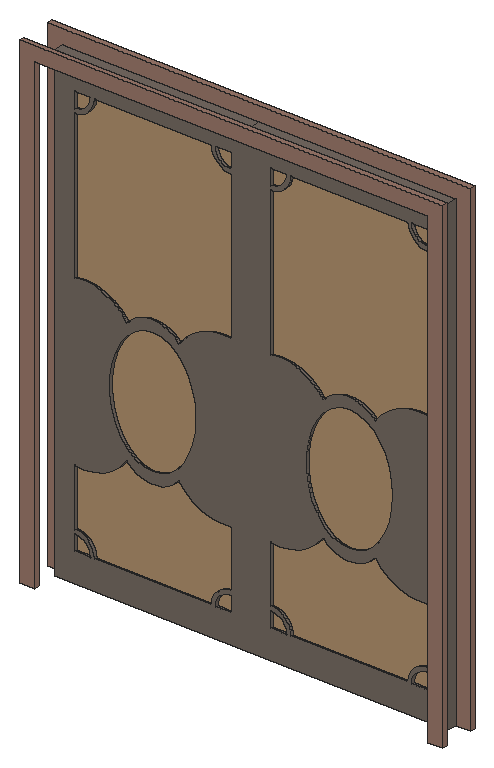
Revit family
Parameters (values of type "2000 x 2400")
  Thickness = 51.00 mm
  Door Material Inside = Door - Panel
  Door Material = Door - Panel 2
  Frame Material = Door - Frame
  Height = 2400.00 mm
  Trim Projection Ext = 25.00 mm
  Trim Projection Int = 25.00 mm
  Trim Width = 76.00 mm
  Wall Closure = (empty or 0)
  Width = 2000.00 mm
  Assembly Code = ""
Types (6, lengths in mm): name | Door Material | Height | Width
  1830 x 1981mm | Door - Panel | 1981.00 | 1830.00
  1830 x 2083mm | Door - Panel | 2083.00 | 1830.00
  1830 x 2134mm | Door - Panel | 2400.00 | 2000.00
  1730 x 2134mm | Door - Panel | 2134.00 | 1730.00
  1730 x 2032mm | Door - Panel | 2032.00 | 1730.00
  2000 x 2400 | Door - Panel 2 | 2400.00 | 2000.00
Reference planes
  plane 1: y = 0
  plane 2: z = 0
  plane 3 "Center": x = 0
  plane 4 "Left": x = -1000
  plane 5 "Right": x = 1000
  plane 6 "Top": z = 2400
  plane 7: z = 2250
  plane 8: z = 1066.8
  plane 9: z = 863.6
  plane 10: z = 150
  plane 11: x = 898.4
  plane 12: x = 538.1
  plane 13: x = 461.9
  plane 14: x = 101.6
  plane 15: x = -101.6
  plane 16: x = -461.9
  plane 17: x = -538.1
  plane 18: x = -898.4
  plane 19: x = 500
  plane 20: x = -500
Forms (mm)
  Extrusion 1, solid, material "Door - Frame" <- "Frame Material"
    sketch origin (-2286, -76.2, 0) x (1, 0, 0) y (0, 0, 1)
      loop
        line (1286, 0) -> (1286, 2400) -> (3286, 2400) -> (3286, 0) -> (3362, 0) -> (3362, 2476) -> (1210, 2476) -> (1210, 0) -> (1286, 0)
    from 0 to 25
  Extrusion 2, solid, material "Door - Panel 2" <- "Door Material"
    sketch origin (-2286, 101.6, 0) x (-1, 0, 0) y (0, 0, 1)
      loop
        line (-3286, 2400) -> (-3286, 0) -> (-2286, 0) -> (-1286, 0) -> (-1286, 2400) -> (-2286, 2400) -> (-3286, 2400)
      loop
        arc (-2184.43, 249.99) -> (-2113.726, 220.704) -> (-2084.44, 150) r 99.99
        line (-2084.44, 150) -> (-1487.6, 150)
        arc (-1487.6, 150) -> (-1458.311, 220.711) -> (-1387.6, 250) r 100
        line (-1387.6, 250) -> (-1387.6, 543.281)
        arc (-1387.6, 543.281) -> (-1536.605, 561.516) -> (-1653.22, 656.047) r 271.876
        arc (-1653.22, 656.047) -> (-1786, 596.4) -> (-1918.78, 656.047) r 177.614
        arc (-1918.78, 656.047) -> (-2035.409, 561.51) -> (-2184.43, 543.286) r 271.876
        line (-2184.43, 543.286) -> (-2184.43, 249.99)
      loop
        arc (-2084.44, 2250) -> (-2113.726, 2179.296) -> (-2184.43, 2150.01) r 99.99
        line (-2184.43, 2150.01) -> (-2184.43, 1396.714)
        arc (-2184.43, 1396.714) -> (-2035.409, 1378.49) -> (-1918.78, 1283.953) r 271.876
        arc (-1918.78, 1283.953) -> (-1786, 1343.6) -> (-1653.22, 1283.953) r 177.614
        arc (-1653.22, 1283.953) -> (-1536.605, 1378.484) -> (-1387.6, 1396.719) r 271.876
        line (-1387.6, 1396.719) -> (-1387.6, 2150)
        arc (-1387.6, 2150) -> (-1458.311, 2179.289) -> (-1487.6, 2250) r 100
        line (-1487.6, 2250) -> (-2084.44, 2250)
      loop
        spline (-1786, 1290) -> (-1842.94, 1279.096) -> (-1896, 1247.128) -> (-1941.563, 1196.274) -> (-1976.526, 1130) -> (-1998.504, 1052.822) -> (-2006, 970) -> (-1998.504, 887.178) -> (-1976.526, 810) -> (-1941.563, 743.726) -> (-1896, 692.872) -> (-1842.94, 660.904) -> (-1786, 650)
        spline (-1786, 650) -> (-1729.06, 660.904) -> (-1676, 692.872) -> (-1630.437, 743.726) -> (-1595.474, 810) -> (-1573.496, 887.178) -> (-1566, 970) -> (-1573.496, 1052.822) -> (-1595.474, 1130) -> (-1630.437, 1196.274) -> (-1676, 1247.128) -> (-1729.06, 1279.096) -> (-1786, 1290)
      loop
        line (-2387.57, 249.99) -> (-2387.57, 543.286)
        arc (-2387.57, 543.286) -> (-2536.591, 561.51) -> (-2653.22, 656.047) r 271.876
        arc (-2653.22, 656.047) -> (-2786, 596.4) -> (-2918.78, 656.047) r 177.614
        arc (-2918.78, 656.047) -> (-3035.395, 561.516) -> (-3184.4, 543.281) r 271.876
        line (-3184.4, 543.281) -> (-3184.4, 250)
        arc (-3184.4, 250) -> (-3113.689, 220.711) -> (-3084.4, 150) r 100
        line (-3084.4, 150) -> (-2487.56, 150)
        arc (-2487.56, 150) -> (-2458.274, 220.704) -> (-2387.57, 249.99) r 99.99
      loop
        line (-2487.56, 2250) -> (-3084.4, 2250)
        arc (-3084.4, 2250) -> (-3113.689, 2179.289) -> (-3184.4, 2150) r 100
        line (-3184.4, 2150) -> (-3184.4, 1396.719)
        arc (-3184.4, 1396.719) -> (-3035.395, 1378.484) -> (-2918.78, 1283.953) r 271.876
        arc (-2918.78, 1283.953) -> (-2786, 1343.6) -> (-2653.22, 1283.953) r 177.614
        arc (-2653.22, 1283.953) -> (-2536.591, 1378.49) -> (-2387.57, 1396.714) r 271.876
        line (-2387.57, 1396.714) -> (-2387.57, 2150.01)
        arc (-2387.57, 2150.01) -> (-2458.274, 2179.296) -> (-2487.56, 2250) r 99.99
      loop
        spline (-2786, 1290) -> (-2842.94, 1279.096) -> (-2896, 1247.128) -> (-2941.563, 1196.274) -> (-2976.526, 1130) -> (-2998.504, 1052.822) -> (-3006, 970) -> (-2998.504, 887.178) -> (-2976.526, 810) -> (-2941.563, 743.726) -> (-2896, 692.872) -> (-2842.94, 660.904) -> (-2786, 650)
        spline (-2786, 650) -> (-2729.06, 660.904) -> (-2676, 692.872) -> (-2630.437, 743.726) -> (-2595.474, 810) -> (-2573.496, 887.178) -> (-2566, 970) -> (-2573.496, 1052.822) -> (-2595.474, 1130) -> (-2630.437, 1196.274) -> (-2676, 1247.128) -> (-2729.06, 1279.096) -> (-2786, 1290)
      loop
        arc (-1387.6, 230) -> (-1444.169, 206.569) -> (-1467.6, 150) r 80
        line (-1467.6, 150) -> (-1387.6, 150) -> (-1387.6, 230)
      loop
        arc (-3104.4, 150) -> (-3127.831, 206.569) -> (-3184.4, 230) r 80
        line (-3184.4, 230) -> (-3184.4, 150) -> (-3104.4, 150)
      loop
        arc (-2387.57, 229.99) -> (-2444.131, 206.561) -> (-2467.56, 150) r 79.99
        line (-2467.56, 150) -> (-2387.57, 150) -> (-2387.57, 229.99)
      loop
        arc (-2104.44, 150) -> (-2127.869, 206.561) -> (-2184.43, 229.99) r 79.99
        line (-2184.43, 229.99) -> (-2184.43, 150) -> (-2104.44, 150)
      loop
        arc (-3184.4, 2170) -> (-3127.831, 2193.431) -> (-3104.4, 2250) r 80
        line (-3104.4, 2250) -> (-3184.4, 2250) -> (-3184.4, 2170)
      loop
        arc (-2467.56, 2250) -> (-2444.131, 2193.439) -> (-2387.57, 2170.01) r 79.99
        line (-2387.57, 2170.01) -> (-2387.57, 2250) -> (-2467.56, 2250)
      loop
        arc (-2184.43, 2170.01) -> (-2127.869, 2193.439) -> (-2104.44, 2250) r 79.99
        line (-2104.44, 2250) -> (-2184.43, 2250) -> (-2184.43, 2170.01)
      loop
        arc (-1467.6, 2250) -> (-1444.169, 2193.431) -> (-1387.6, 2170) r 80
        line (-1387.6, 2170) -> (-1387.6, 2250) -> (-1467.6, 2250)
    from -25.4 to -76.4
  Extrusion 3, solid, material "Door - Panel" <- "Door Material Inside"
    sketch origin (-2286, 76.2, 0) x (-1, 0, 0) y (0, 0, 1)
      loop
        line (-1487.6, 2250) -> (-2084.44, 2250)
        arc (-2084.44, 2250) -> (-2113.726, 2179.296) -> (-2184.43, 2150.01) r 99.99
        line (-2184.43, 2150.01) -> (-2184.43, 1396.714)
        arc (-2184.43, 1396.714) -> (-2035.409, 1378.49) -> (-1918.78, 1283.953) r 271.876
        arc (-1918.78, 1283.953) -> (-1786, 1343.6) -> (-1653.22, 1283.953) r 177.614
        arc (-1653.22, 1283.953) -> (-1536.605, 1378.484) -> (-1387.6, 1396.719) r 271.876
        line (-1387.6, 1396.719) -> (-1387.6, 2150)
        arc (-1387.6, 2150) -> (-1458.311, 2179.289) -> (-1487.6, 2250) r 100
      loop
        spline (-1786, 650) -> (-1729.06, 660.904) -> (-1676, 692.872) -> (-1630.437, 743.726) -> (-1595.474, 810) -> (-1573.496, 887.178) -> (-1566, 970) -> (-1573.496, 1052.822) -> (-1595.474, 1130) -> (-1630.437, 1196.274) -> (-1676, 1247.128) -> (-1729.06, 1279.096) -> (-1786, 1290)
        spline (-1786, 1290) -> (-1842.94, 1279.096) -> (-1896, 1247.128) -> (-1941.563, 1196.274) -> (-1976.526, 1130) -> (-1998.504, 1052.822) -> (-2006, 970) -> (-1998.504, 887.178) -> (-1976.526, 810) -> (-1941.563, 743.726) -> (-1896, 692.872) -> (-1842.94, 660.904) -> (-1786, 650)
      loop
        arc (-1918.78, 656.047) -> (-2035.409, 561.51) -> (-2184.43, 543.286) r 271.876
        line (-2184.43, 543.286) -> (-2184.43, 249.99)
        arc (-2184.43, 249.99) -> (-2113.726, 220.704) -> (-2084.44, 150) r 99.99
        line (-2084.44, 150) -> (-1487.6, 150)
        arc (-1487.6, 150) -> (-1458.311, 220.711) -> (-1387.6, 250) r 100
        line (-1387.6, 250) -> (-1387.6, 543.281)
        arc (-1387.6, 543.281) -> (-1536.605, 561.516) -> (-1653.22, 656.047) r 271.876
        arc (-1653.22, 656.047) -> (-1786, 596.4) -> (-1918.78, 656.047) r 177.614
      loop
        line (-2487.56, 2250) -> (-3084.4, 2250)
        arc (-3084.4, 2250) -> (-3113.689, 2179.289) -> (-3184.4, 2150) r 100
        line (-3184.4, 2150) -> (-3184.4, 1396.719)
        arc (-3184.4, 1396.719) -> (-3035.395, 1378.484) -> (-2918.78, 1283.953) r 271.876
        arc (-2918.78, 1283.953) -> (-2786, 1343.6) -> (-2653.22, 1283.953) r 177.614
        arc (-2653.22, 1283.953) -> (-2536.591, 1378.49) -> (-2387.57, 1396.714) r 271.876
        line (-2387.57, 1396.714) -> (-2387.57, 2150.01)
        arc (-2387.57, 2150.01) -> (-2458.274, 2179.296) -> (-2487.56, 2250) r 99.99
      loop
        spline (-2786, 650) -> (-2729.06, 660.904) -> (-2676, 692.872) -> (-2630.437, 743.726) -> (-2595.474, 810) -> (-2573.496, 887.178) -> (-2566, 970) -> (-2573.496, 1052.822) -> (-2595.474, 1130) -> (-2630.437, 1196.274) -> (-2676, 1247.128) -> (-2729.06, 1279.096) -> (-2786, 1290)
        spline (-2786, 1290) -> (-2842.94, 1279.096) -> (-2896, 1247.128) -> (-2941.563, 1196.274) -> (-2976.526, 1130) -> (-2998.504, 1052.822) -> (-3006, 970) -> (-2998.504, 887.178) -> (-2976.526, 810) -> (-2941.563, 743.726) -> (-2896, 692.872) -> (-2842.94, 660.904) -> (-2786, 650)
      loop
        line (-3184.4, 543.281) -> (-3184.4, 250)
        arc (-3184.4, 250) -> (-3113.689, 220.711) -> (-3084.4, 150) r 100
        line (-3084.4, 150) -> (-2487.56, 150)
        arc (-2487.56, 150) -> (-2458.274, 220.704) -> (-2387.57, 249.99) r 99.99
        line (-2387.57, 249.99) -> (-2387.57, 543.286)
        arc (-2387.57, 543.286) -> (-2536.591, 561.51) -> (-2653.22, 656.047) r 271.876
        arc (-2653.22, 656.047) -> (-2786, 596.4) -> (-2918.78, 656.047) r 177.614
        arc (-2918.78, 656.047) -> (-3035.395, 561.516) -> (-3184.4, 543.281) r 271.876
      loop
        line (-1387.6, 2170) -> (-1387.6, 2250) -> (-1467.6, 2250)
        arc (-1467.6, 2250) -> (-1444.169, 2193.431) -> (-1387.6, 2170) r 80
      loop
        arc (-2184.43, 2170.01) -> (-2127.869, 2193.439) -> (-2104.44, 2250) r 79.99
        line (-2104.44, 2250) -> (-2184.43, 2250) -> (-2184.43, 2170.01)
      loop
        line (-2387.57, 2170.01) -> (-2387.57, 2250) -> (-2467.56, 2250)
        arc (-2467.56, 2250) -> (-2444.131, 2193.439) -> (-2387.57, 2170.01) r 79.99
      loop
        line (-3104.4, 2250) -> (-3184.4, 2250) -> (-3184.4, 2170)
        arc (-3184.4, 2170) -> (-3127.831, 2193.431) -> (-3104.4, 2250) r 80
      loop
        line (-3184.4, 150) -> (-3104.4, 150)
        arc (-3104.4, 150) -> (-3127.831, 206.569) -> (-3184.4, 230) r 80
        line (-3184.4, 230) -> (-3184.4, 150)
      loop
        line (-2467.56, 150) -> (-2387.57, 150) -> (-2387.57, 229.99)
        arc (-2387.57, 229.99) -> (-2444.131, 206.561) -> (-2467.56, 150) r 79.99
      loop
        line (-2184.43, 229.99) -> (-2184.43, 150) -> (-2104.44, 150)
        arc (-2104.44, 150) -> (-2127.869, 206.561) -> (-2184.43, 229.99) r 79.99
      loop
        line (-1467.6, 150) -> (-1387.6, 150) -> (-1387.6, 230)
        arc (-1387.6, 230) -> (-1444.169, 206.569) -> (-1467.6, 150) r 80
    from -12.7 to -38.3
  Extrusion 4, solid, material "Door - Frame" <- "Frame Material"
    sketch origin (-1524, 76.2, 0) x (-1, 0, 0) y (0, 0, 1)
      loop
        line (-2600, 2476) -> (-2600, 0) -> (-2524, 0) -> (-2524, 2400) -> (-524, 2400) -> (-524, 0) -> (-448, 0) -> (-448, 2476) -> (-2600, 2476)
    from 0 to 25
Lines and regions (mm)
  Opening 1
    outline origin (-2286, -76.2, 0) x (1, 0, 0) y (0, 0, 1)
      loop
        line (1286, 0) -> (3286, 0) -> (3286, 2400) -> (1286, 2400) -> (1286, 0)
  symbolic lines, style "Plan Swing"
    curve 1: arc (-0.741, 76.2, 0) -> (-293.751, 783.588, 0) -> (-1001.139, 1076.598, 0) r 1000.398
    curve 2: arc (-0.741, 76.2, 0) -> (292.365, 783.87, 0) -> (1000.006, 1077.045, 0) r 1000.845
  symbolic lines, style "DoorsPanelProjection"
    curve 3: line (-1001.139, 76.2, 0) -> (-949, 76.2, 0)
    curve 4: line (-1001.139, 76.2, 0) -> (-1001.139, 1076.598, 0)
    curve 5: line (1000.006, 76.2, 0) -> (949, 76.2, 0)
    curve 6: line (1000.006, 76.2, 0) -> (1000.006, 1077.045, 0)
    curve 7: line (949, 76.2, 0) -> (949, 1075.74, 0)
    curve 10: line (948.955, 1075.74, 0) -> (1000.001, 1075.74, 0)
    curve 11: line (-1001.139, 1076.598, 0) -> (-949, 1076.598, 0)
    curve 12: line (-949, 1076.598, 0) -> (-949, 76.2, 0)
  model lines, style "DoorsPanelProjection"
    curve 8: line (0, 76.2, 2400) -> (0, 76.2, 0)
    curve 9: line (0, 25.2, 2400) -> (0, 25.2, 0)
  symbolic lines, style "Elevation Swing"
    curve 13: line (0, 0, 2400) -> (1000, 0, 1200)
    curve 14: line (0, 0, 0) -> (1000, 0, 1200)
    curve 15: line (0, 0, 2400) -> (-1000, 0, 1200)
    curve 16: line (-1000, 0, 1200) -> (0, 0, 0)
Text (mm)
  text "Exterior" at (-1490.41, 693.701, 0), in view "Floor Line"
  text "Interior" at (-1482.03, -638.649, 0), in view "Floor Line"
  text "Exterior" at (0, 1019.848, 3124.603), in view "Right"
  text "Interior" at (0, -1635.541, 3124.603), in view "Right"
  text "Interior" at (0, -787.806, 2867.919), in view "Left"
  text "Exterior" at (0, 1386.095, 2867.919), in view "Left"
Dimensions and locks
  equal spacing: plane 4 "Left", plane 3 "Center", plane 5 "Right"
  "Height": plane 2 to plane 6 "Top"
  "Trim Width": Extrusion 1 sketch curve to plane 4 "Left"
  "Trim Width": Extrusion 1 sketch curve to plane 5 "Right"
  "Trim Width": Extrusion 1 sketch curve to plane 6 "Top"
  "Trim Projection Int": Extrusion 1 to host wall
  plane 11 to plane 5 "Right" = 101.60 mm
  plane 18 to plane 4 "Left" = 101.60 mm
  plane 7 to plane 6 "Top" = 150.00 mm
  plane 9 to plane 8 = 203.20 mm
  host wall to plane 10 = 150.00 mm
  plane 14 to plane 3 "Center" to plane 15 = 101.60 mm locked, 101.60 mm locked
  "Thickness": Extrusion 2 to host wall
  "Trim Projection Ext": Extrusion 4 to host wall
  locked: Extrusion 2 to Extrusion 3 at 12.7
  "Trim Width": plane 6 "Top" to Extrusion 4 sketch curve
  "Trim Width": plane 5 "Right" to Extrusion 4 sketch curve
  "Trim Width": Extrusion 4 sketch curve to plane 4 "Left"
  "Thickness": curve 7 to plane 5 "Right"
  "Width": plane 4 "Left" to plane 5 "Right"
  "Thickness": plane 4 "Left" to curve 12
  equal spacing: plane 11, plane 19, plane 14
  plane 12 to plane 19 to plane 13 = 38.10 mm locked, 38.10 mm locked
  equal spacing: plane 15, plane 20, plane 18
  plane 16 to plane 20 to plane 17 = 38.10 mm locked, 38.10 mm locked
  equal spacing: level, curve 14, plane 6 "Top"
  equal spacing: level, curve 16, plane 6 "Top"
  aligned and locked: plane 4 "Left" to Opening 1 sketch curve
  aligned and locked: plane 6 "Top" to Opening 1 sketch curve  (x2)
  aligned and locked: Opening 1 sketch curve to plane 5 "Right"
  aligned and locked: Opening 1 sketch curve to level
  aligned and locked: plane 4 "Left" to Extrusion 1 sketch curve
  aligned and locked: plane 6 "Top" to Extrusion 1 sketch curve  (x2)
  aligned and locked: plane 5 "Right" to Extrusion 1 sketch curve  (x2)
  aligned and locked: level to Extrusion 1 sketch curve
  aligned and locked: Extrusion 1 sketch curve to level
  aligned and locked: plane 2 to Extrusion 1 sketch curve
  aligned and locked: Extrusion 1 to host wall
  aligned and locked: plane 7 to Extrusion 2 sketch curve
  aligned and locked: host wall to Extrusion 2
  aligned and locked: curve 5 to Extrusion 2
  aligned and locked: curve 9 to curve 8
  aligned and locked: curve 10 to curve 7
  aligned and locked: host wall to curve 1
  aligned and locked: curve 3 to host wall
  aligned and locked: curve 11 to curve 4
  aligned and locked: Extrusion 3 sketch curve to Extrusion 2  (x34)
Automatic sketch dimensions
  curve 12 to host wall = 0.00 mm
  curve 3 to curve 12 = 0.00 mm
  plane 4 "Left" to curve 4 = 1.139 mm
  curve 11 to curve 4 = 0.00 mm
  curve 1 to plane 3 "Center" = 0.741 mm
  curve 2 to curve 1 = 0.00 mm
  curve 10 to curve 7 = 0.045 mm
  curve 10 to plane 5 "Right" = 0.001 mm
  curve 6 to plane 5 "Right" = 0.006 mm
  curve 5 to curve 2 = 0.098 mm
  curve 13 to plane 3 "Center" = 0.00 mm
  curve 13 to plane 6 "Top" = 0.00 mm
  curve 9 to plane 3 "Center" = 0.00 mm
  curve 9 to plane 6 "Top" = 0.00 mm
  curve 8 to plane 6 "Top" = 0.00 mm
  curve 8 to level = 0.00 mm
  curve 9 to level = 0.00 mm
  curve 14 to level = 0.00 mm
  curve 16 to plane 4 "Left" = 0.00 mm
  curve 14 to plane 3 "Center" = 0.00 mm
  curve 13 to plane 5 "Right" = 0.00 mm
  Extrusion 4 sketch curve to level = 0.00 mm  (x2)
  Extrusion 4 sketch curve to plane 5 "Right" = 0.00 mm
  Extrusion 4 sketch curve to plane 4 "Left" = 0.00 mm
  Extrusion 4 sketch curve to plane 6 "Top" = 0.00 mm
  Extrusion 3 sketch curve to Extrusion 3 sketch curve = 0.00 mm  (x3)
  Extrusion 3 sketch curve to Extrusion 3 sketch curve = 195.986 mm  (x2)
  Extrusion 3 sketch curve to Extrusion 3 sketch curve = 320.00 mm
  Extrusion 2 to Extrusion 3 sketch curve = 500.00 mm
  Extrusion 2 sketch curve to Extrusion 2 sketch curve = 0.00 mm  (x17)
  Extrusion 2 sketch curve to level = 0.00 mm
  Extrusion 2 sketch curve to plane 5 "Right" = 0.00 mm
  Extrusion 2 sketch curve to plane 7 = 0.00 mm
  Extrusion 2 sketch curve to plane 11 = 0.00 mm  (x2)
  Extrusion 2 sketch curve to plane 10 = 0.00 mm  (x2)
  Extrusion 2 sketch curve to plane 19 = 0.00 mm  (x3)
  Extrusion 2 sketch curve to plane 3 "Center" = 0.00 mm  (x2)
  Extrusion 2 sketch curve to plane 20 = 0.00 mm  (x3)
  Extrusion 2 sketch curve to plane 18 = 0.00 mm  (x2)
  Extrusion 2 sketch curve to plane 4 "Left" = 0.00 mm
  Extrusion 2 sketch curve to plane 6 "Top" = 0.00 mm
  Extrusion 2 sketch curve to plane 11 = 42.761 mm  (x2)
  Extrusion 2 sketch curve to plane 11 = 80.00 mm  (x2)
  Extrusion 2 sketch curve to Extrusion 2 sketch curve = 20.00 mm  (x8)
  plane 12 to Extrusion 2 sketch curve = 94.68 mm  (x2)
  Extrusion 2 sketch curve to plane 13 = 94.68 mm  (x2)
  plane 14 to Extrusion 2 sketch curve = 99.96 mm  (x2)
  plane 14 to Extrusion 2 sketch curve = 42.761 mm  (x2)
  Extrusion 2 sketch curve to plane 14 = 0.03 mm  (x2)
  plane 15 to Extrusion 2 sketch curve = 0.03 mm  (x2)
  Extrusion 2 sketch curve to plane 15 = 42.761 mm  (x2)
  Extrusion 2 sketch curve to plane 15 = 79.96 mm  (x2)
  plane 16 to Extrusion 2 sketch curve = 94.68 mm  (x2)
  Extrusion 2 sketch curve to plane 17 = 94.68 mm  (x2)
  Extrusion 2 sketch curve to Extrusion 2 sketch curve = 100.00 mm
  plane 18 to Extrusion 2 sketch curve = 100.00 mm
  plane 18 to Extrusion 2 sketch curve = 42.761 mm  (x2)
  Extrusion 2 sketch curve to Extrusion 2 sketch curve = 293.281 mm  (x2)
  Extrusion 2 sketch curve to Extrusion 2 sketch curve = 293.296 mm
  Extrusion 2 sketch curve to Extrusion 2 sketch curve = 112.766 mm  (x2)
  plane 9 to Extrusion 2 sketch curve = 89.586 mm  (x2)
  plane 8 to Extrusion 2 sketch curve = 96.80 mm  (x2)
  Extrusion 2 sketch curve to plane 8 = 61.427 mm  (x4)
  Extrusion 2 sketch curve to plane 8 = 99.186 mm  (x2)
  Extrusion 3 sketch curve to Extrusion 2 = 0.00 mm  (x4)
  Extrusion 3 sketch curve to Extrusion 3 sketch curve = 20.00 mm  (x5)
  Extrusion 2 sketch curve to Extrusion 2 sketch curve = 117.967 mm  (x2)
  Extrusion 2 sketch curve to Extrusion 2 sketch curve = 124.014 mm  (x2)
  radius of Extrusion 3 sketch curve to Extrusion 2 = 0.00 mm  (x4)
